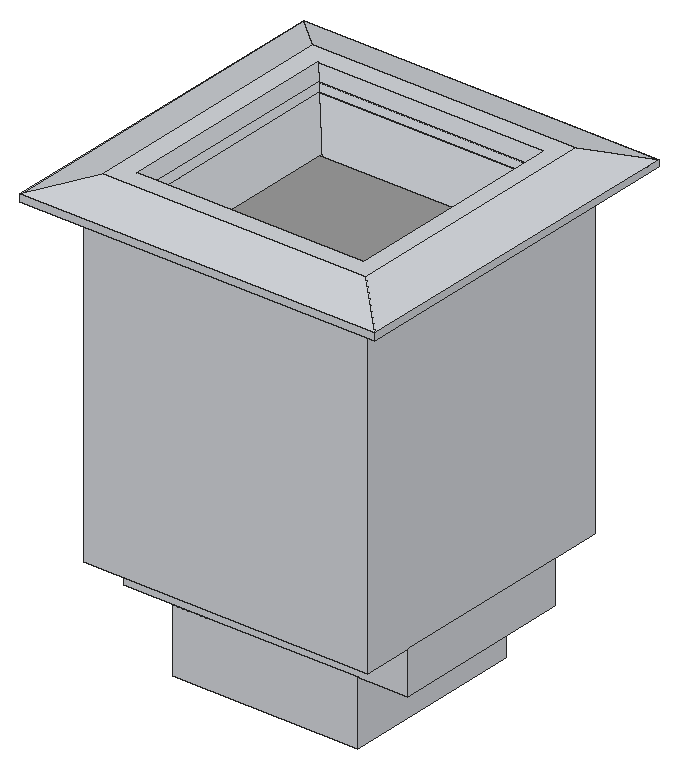
Revit family "2061302 Sylvania Lighting Fixture DOMINO 1xLED 930 BLACK NB TRIM WHITE DALI", category Lighting Fixtures, host Face, Revit 2018
Family settings
  Host = Face
  Round Connector Dimension = Use Diameter
  Part Type = Normal
  OmniClass Number = 23.80.70.00
  OmniClass Title = Lighting
  Cut with Voids When Loaded = No
  Light Source = Yes
  Shared = No
  Room Calculation Point = No
Parameters (values of type "2061302 DOMINO 1XLED 930 BLACK NB TR WHT DALI")
  top top width = 15.812 mm
  top top length = 26 mm
  Width = 50 mm
  Weight = "n/a"
  Wattage Comments = ""
  Wattage = 9.2903 W
  WarrantyStartDate [instance] = "n/a"
  WarrantyGuarantorParts = "n/a"
  WarrantyDurationUnit = "n/a"
  WarrantyDurationParts = ""
  WarrantyDescription = "http://www.sylvania-lighting.com"
  built-in parameter 1150110 = 1 (stored number, unit not read)
  Voltage = 0 V
  URL = "0.96"
  TypeName = "DOMINO 1xLED 930 BLACK NB TRIM WHITE DALI"
  Type Image = <None>
  Type Comments = "n/a"
  built-in parameter 1114217 = 1 (stored number, unit not read)
  Top Width = 26 mm
  Tilt Angle = 90.00°
  built-in parameter 1150109 = 1 (stored number, unit not read)
  built-in parameter 1150134 = 3
  built-in parameter 1150113 = 1 (stored number, unit not read)
  SerialNumber [instance] = "n/a"
  Recessed Width = 43 mm
  Recessed Length = 43 mm
  Photometric Web File = "2061302.ies"
  Material_3_FEILO = none
  PowerFactor = 0
  PowerConsumption = "Lighting"
  NominalLength = 50 mm
  NominalHeight = 0 mm
  NominalDepth = 0 mm
  Name = "DOMINO 1xLED 930 BLACK NB TRIM WHITE DALI"
  ModelReference = Name  # "DOMINO 1xLED 930 BLACK NB TRIM WHITE DALI"
  ModelNumber = "2061302"
  Model = Name  # "DOMINO 1xLED 930 BLACK NB TRIM WHITE DALI"
  Material = "Feilo Sylvania"
  ManufacturerName = "45 lm/W"
  Manufacturer = ""
  LuminousEfficacy = ""
  built-in parameter 1150105 = 109.82 (stored number, unit not read)
  Lumens = 1380 lm
  LuminaireType = "0"
  built-in parameter 1150115 = 1 (stored number, unit not read)
  LightOutputRatio = "LED"
  built-in parameter 1150137 = (empty or 0)
  built-in parameter 1150139 = (empty or 0)
  Lens inside recess = 25 mm
  Lens Width = 32 mm
  Lens Outside recess = 31.978 mm
  Lens = Glass, White, High Luminance
  Length = 50 mm
  LampsType = Lamp  # "n/a"
  LampNominalLuminous = "3000 K"
  LampMacAdamStep = "90"
  LampColourTemperature = "LED"
  LampColourRenderingIndex = "16500"
  built-in parameter 1150112 = 1 (stored number, unit not read)
  built-in parameter 1150114 = 1 (stored number, unit not read)
  Lamp = "n/a"
  Keynote = "n/a"
  InstallationDate [instance] = "n/a"
  InputVoltage = "0"
  InputNominalFrequency = "3000"
  built-in parameter 1150132 = (empty or 0)
  built-in parameter 1150102 = (empty or 0)
  built-in parameter 1150107 = 3200 (stored number, unit not read)
  built-in parameter 1150138 = (empty or 0)
  IngressProtection = "IfcLightFixtureType"
  ImpactProtectionIndex = "IfcLightFixtureType"
  built-in parameter 1150106 = 1.0982 (stored number, unit not read)
  IfcExportType = "IfcLightFixtureType"
  IfcExportAs = "Class II"
  Facia internal width = 37 mm
  Facia internal length = 37 mm
  Facia Height = 2 mm
  ExpectedLife = 50000
  Emit from Circle Diameter = 609.6 mm
  Emit Shape Visible in Rendering = no
  ElectricShockClassification = "45"
  built-in parameter 1150104 = 13.8 (stored number, unit not read)
  DurationUnit = "hours"
  DocumentationLiterature = "http://www.sylvania-lighting.com/product/en-int/products/2061302"
  DimmingControlOptions = "n/a"
  Material_2_FEILO = none
  Dimming Lamp Color Temperature Shift = <None>
  Description = "Modular LED recessed linear spotlight, ideal for retail and hospitality applications. Die-cast aluminium body, passive cooling. Two levels of reflector installation, low glaring UGR<16. 1x LED source, 15° beam angle , optics: PMMA lens and polycarbonate reflector combination, Black matt reflector finish. Light color temperature: 3000K warm white, total system power: 4W , total fixture lumen output: 180lm, efficacy: 45 lm/W, Ra90 typical, LED chromacity: 3 step MacAdam ellipse (SDCM3), lifespan: 96,000 hours at 90% of the original output (L90B10), IR/UV free light source without heat radiation, operating voltage: 220-240V / 50-60Hz, electronic driver, ultra low flicker, DALI , electrical protection: Class II. Degree of Protection: IP40/IP20, suitable for indoor environment only. Ceiling cut-out: 43x43mm, outer dimensions:  50x50mm trim frame RAL 9016 - Traffic white / Bezel color.5 years Warranty."
  Default Elevation = 1219.2 mm
  CreatedOn = "09/02/2021"
  CreatedBy = "@sylvania-lighting.com"
  Cost = 0
  Color Filter = 16777215
  built-in parameter 1114216 [instance] = (empty or 0)
  ClassificationValue = "EF_70_80"
  ClassificationName = "Uniclass2015"
  Material_1_FEILO = none
  Body Width = 40 mm
  Body Length = 40 mm
  BarCode [instance] = "n/a"
  built-in parameter 1114218 = 1 (stored number, unit not read)
  built-in parameter 1150133 = 10 (stored number, unit not read)
  AssetType = "Fixed"
  AssetIdentifier [instance] = "n/a"
  Assembly Code = "D5020200"
  Apparent Load = 4 VA
  Material_4_FEILO = none
Reference planes
  plane 1 "Center (Front/Back)": y = 0
  plane 2: z = 0
  plane 3 "Center (Left/Right)": x = 0
  plane 4: z = 0
  plane 5: z = -7
  plane 6: z = -45.895
  plane 7: z = -51.895
  plane 8: z = -60.895
  plane 9: x = -21.5
  plane 10: x = 21.5
  plane 11: y = 21.5
  plane 12: y = -21.5
  plane 13: x = -25
  plane 14: x = 25
  plane 15: y = 25
  plane 16: y = -25
  plane 17: x = 18.5
  plane 18: x = -18.5
  plane 19: y = 18.5
  plane 20: y = -18.5
  plane 21: z = 2
  plane 22: x = -20
  plane 23: x = 20
  plane 24: y = 20
  plane 25: y = -20
  plane 26: y = 13
  plane 27: y = -13
  plane 28: y = 16
  plane 29: y = -16
  plane 30: x = 13
  plane 31: x = -13
  plane 32: x = -15.772
  plane 33: x = 16.206
  plane 34: y = 12.5
  plane 35: y = -12.5
  plane 36: x = -12.5
  plane 37: x = 12.5
Forms (mm)
  Extrusion 1, solid, not visible, detail levels medium+fine
    sketch origin (4.2, 0, 0) x (1, 0, 0) y (0, 1, 0)
      loop
        line (-29.2, 34.5) -> (-29.2, -34.5) -> (20.8, -34.5) -> (20.8, 34.5) -> (-29.2, 34.5)
    from 0 to 1
  Extrusion 2, solid, not visible, detail levels medium+fine
    sketch origin (4.044, 0, 0) x (1, 0, 0) y (0, 1, 0)
      loop
        line (-29.2, 34.5) -> (-29.2, -34.5) -> (20.8, -34.5) -> (20.8, 34.5) -> (-29.2, 34.5)
    from 0 to 1
  Blend 3, solid, not visible, detail levels medium+fine
    base sketch origin (4.2, 0, 0) x (1, 0, 0) y (0, 1, 0)
      loop
        line (-29.2, 34.5) -> (-29.2, -34.5) -> (20.8, -34.5) -> (20.8, 34.5) -> (-29.2, 34.5)
    top sketch origin (4.2, 0, 0) x (1, 0, 0) y (0, 1, 0)
      loop
        line (-21.7, 28) -> (-21.7, -28) -> (13.3, -28) -> (13.3, 28) -> (-21.7, 28)
    from 1 to 3
  Extrusion 4, solid, not visible, detail levels medium+fine
    sketch origin (3.419, 0, 0) x (1, 0, 0) y (0, 1, 0)
      loop
        line (-29.2, 34.5) -> (-29.2, -34.5) -> (20.8, -34.5) -> (20.8, 34.5) -> (-29.2, 34.5)
    from 0 to 1
  Blend 5, solid, not visible, detail levels medium+fine
    base sketch origin (3.575, 0, 0) x (1, 0, 0) y (0, 1, 0)
      loop
        line (-29.2, 34.5) -> (-29.2, -34.5) -> (20.8, -34.5) -> (20.8, 34.5) -> (-29.2, 34.5)
    top sketch origin (3.575, 0, 0) x (1, 0, 0) y (0, 1, 0)
      loop
        line (-21.7, 28) -> (-21.7, -28) -> (13.3, -28) -> (13.3, 28) -> (-21.7, 28)
    from 1 to 3
  Extrusion 6, solid, not visible, detail levels medium+fine
    sketch origin (4.247, 0, 0) x (1, 0, 0) y (0, 1, 0)
      loop
        line (-29.2, 34.5) -> (-29.2, -34.5) -> (20.8, -34.5) -> (20.8, 34.5) -> (-29.2, 34.5)
    from 0 to 1
  Blend 7, solid, not visible, detail levels medium+fine
    base sketch origin (4.403, 0, 0) x (1, 0, 0) y (0, 1, 0)
      loop
        line (-29.2, 34.5) -> (-29.2, -34.5) -> (20.8, -34.5) -> (20.8, 34.5) -> (-29.2, 34.5)
    top sketch origin (4.403, 0, 0) x (1, 0, 0) y (0, 1, 0)
      loop
        line (-21.7, 28) -> (-21.7, -28) -> (13.3, -28) -> (13.3, 28) -> (-21.7, 28)
    from 1 to 3
  Extrusion 8, void, detail levels medium+fine
    sketch origin (4.2, 0, 0) x (0, 1, 0) y (1, 0, 0)
      loop
        line (21.5, -25.7) -> (21.5, 17.3) -> (-21.5, 17.3) -> (-21.5, -25.7) -> (21.5, -25.7)
    from -9.934 to 83.097
  Extrusion 9, solid, detail levels medium+fine
    sketch origin (4.2, 0, 0) x (1, 0, 0) y (0, 1, 0)
      loop
        line (-29.2, 25) -> (-29.2, -25) -> (20.8, -25) -> (20.8, 25) -> (-29.2, 25)
    from 0 to 1
  Extrusion 10, solid, detail levels medium+fine
    sketch origin (4.2, 0, 0) x (1, 0, 0) y (0, 1, 0)
      loop
        line (-24.2, 20) -> (-24.2, -20) -> (15.8, -20) -> (15.8, 20) -> (-24.2, 20)
    from 0 to -45.895
  Extrusion 11, solid, detail levels medium+fine
    sketch origin (4.2, 0, 0) x (1, 0, 0) y (0, 1, 0)
      loop
        line (-24.2, 13) -> (-24.2, -13) -> (15.8, -13) -> (15.8, 13) -> (-24.2, 13)
    from -51.895 to -45.895
  Extrusion 12, solid, material "Glass, White, High Luminance" <- "Lens", detail levels fine
    sketch origin (13.547, 1218.849, 36.156) x (1, 0, 0) y (0, 1, 0)
      loop
        line (-26.047, -1206.7) -> (-26.047, -1231.7) -> (-1.047, -1231.7) -> (-1.047, -1206.7) -> (-26.047, -1206.7)
    from -43.156 to -42.182
  Blend 13, solid, detail levels medium+fine
    base sketch origin (4.2, 0, 0) x (1, 0, 0) y (0, 1, 0)
      loop
        line (-29.2, 25) -> (-29.2, -25) -> (20.8, -25) -> (20.8, 25) -> (-29.2, 25)
    top sketch origin (4.2, 0, 0) x (1, 0, 0) y (0, 1, 0)
      loop
        line (-22.7, 18.5) -> (-22.7, -18.5) -> (14.3, -18.5) -> (14.3, 18.5) -> (-22.7, 18.5)
    from 1 to 3
  Extrusion 14, solid, detail levels fine
    sketch origin (0, 0, 0) x (1, 0, 0) y (0, 0, 1)
      loop
        line (-13, -51.895) -> (-13, -60.895) -> (13, -60.895) -> (13, -51.895) -> (-13, -51.895)
    from -13 to 13
  Blend 15, void, detail levels medium+fine
    base sketch origin (4.2, 0, 0) x (0, 1, 0) y (-1, 0, 0)
      loop
        line (16, 19.972) -> (-16, 19.972) -> (-16, -12.006) -> (16, -12.006) -> (16, 19.972)
    top sketch origin (4.2, 0, 0) x (0, 1, 0) y (-1, 0, 0)
      loop
        line (12.5, 16.7) -> (-12.5, 16.7) -> (-12.5, -8.3) -> (12.5, -8.3) -> (12.5, 16.7)
    from 3 to -7
  Extrusion 16, solid, detail levels coarse
    sketch origin (4.2, 0, 0) x (1, 0, 0) y (0, 1, 0)
      loop
        line (-29.2, 25) -> (-29.2, -25) -> (20.8, -25) -> (20.8, 25) -> (-29.2, 25)
    from 3 to -60.895
Cuts and joins
  Blend 15 cuts Extrusion 9
  Blend 15 cuts Extrusion 10
  Blend 15 cuts Blend 13
Dimensions and locks
  "Recessed Length": plane 9 to plane 10
  equal spacing: plane 9, plane 3 "Center (Left/Right)", plane 10
  "Length": plane 13 to plane 14
  equal spacing: plane 13, plane 3 "Center (Left/Right)", plane 14
  "Recessed Width": plane 11 to plane 12
  equal spacing: plane 11, plane 1 "Center (Front/Back)", plane 12
  "Width": plane 15 to plane 16
  equal spacing: plane 15, plane 1 "Center (Front/Back)", plane 16
  "Facia internal length": plane 18 to plane 17
  equal spacing: plane 18, plane 3 "Center (Left/Right)", plane 17
  "Facia internal width": plane 19 to plane 20
  equal spacing: plane 19, plane 1 "Center (Front/Back)", plane 20
  "Facia Height": plane 21 to host face
  "Body Length": plane 22 to plane 23
  equal spacing: plane 22, plane 3 "Center (Left/Right)", plane 23
  "Body Width": plane 24 to plane 25
  equal spacing: plane 24, plane 1 "Center (Front/Back)", plane 25
  "Top Width": plane 26 to plane 27
  equal spacing: plane 26, plane 1 "Center (Front/Back)", plane 27
  "Lens Width": plane 28 to plane 29
  equal spacing: plane 28, plane 1 "Center (Front/Back)", plane 29
  "top top length": plane 31 to plane 30
  equal spacing: plane 31, plane 3 "Center (Left/Right)", plane 30  (x2)
  plane 30 to plane 31 = 26 mm
  equal spacing: plane 30, plane 3 "Center (Left/Right)", plane 31
  "Lens Outside recess": plane 32 to plane 33
  "Lens inside recess": plane 34 to plane 35
  equal spacing: plane 34, plane 1 "Center (Front/Back)", plane 35
  aligned and locked: plane 2 to host face
  aligned and locked: level to host face
  aligned and locked: Extrusion 11 to plane 7
  aligned and locked: Extrusion 10 to plane 6
  aligned and locked: cut or joined group of Blend 13, Blend 15 to Blend 15
Automatic sketch dimensions
  host sketch curve to host sketch curve = 2438.4 mm  (x2)
  Extrusion 1 sketch curve to Extrusion 1 sketch curve = 50 mm
  Extrusion 1 sketch curve to Extrusion 1 sketch curve = 69 mm
  Extrusion 2 sketch curve to Extrusion 2 sketch curve = 50 mm
  Extrusion 2 sketch curve to Extrusion 2 sketch curve = 69 mm
  Blend 3 sketch curve to Blend 3 sketch curve = 50 mm
  Blend 3 sketch curve to Blend 3 sketch curve = 69 mm
  Blend 3 sketch curve to Blend 3 sketch curve = 35 mm
  Blend 3 sketch curve to Blend 3 sketch curve = 56 mm
  Extrusion 4 sketch curve to Extrusion 4 sketch curve = 50 mm
  Extrusion 4 sketch curve to Extrusion 4 sketch curve = 69 mm
  Blend 5 sketch curve to Blend 5 sketch curve = 50 mm
  Blend 5 sketch curve to Blend 5 sketch curve = 69 mm
  Blend 5 sketch curve to Blend 5 sketch curve = 35 mm
  Blend 5 sketch curve to Blend 5 sketch curve = 56 mm
  Extrusion 6 sketch curve to Extrusion 6 sketch curve = 50 mm
  Extrusion 6 sketch curve to Extrusion 6 sketch curve = 69 mm
  Blend 7 sketch curve to Blend 7 sketch curve = 50 mm
  Blend 7 sketch curve to Blend 7 sketch curve = 69 mm
  Blend 7 sketch curve to Blend 7 sketch curve = 35 mm
  Blend 7 sketch curve to Blend 7 sketch curve = 56 mm
  plane 9 to Extrusion 8 sketch curve = 0 mm
  Extrusion 8 sketch curve to plane 12 = 0 mm
  Extrusion 8 sketch curve to plane 11 = 0 mm
  Extrusion 8 sketch curve to plane 10 = 0 mm
  plane 13 to Extrusion 9 sketch curve = 0 mm
  plane 14 to Extrusion 9 sketch curve = 0 mm
  Extrusion 9 sketch curve to plane 16 = 0 mm
  Extrusion 9 sketch curve to plane 15 = 0 mm
  Extrusion 10 sketch curve to plane 22 = 0 mm
  Extrusion 10 sketch curve to plane 23 = 0 mm
  Extrusion 10 sketch curve to plane 25 = 0 mm
  Extrusion 10 sketch curve to plane 24 = 0 mm
  Extrusion 11 sketch curve to plane 22 = 0 mm
  Extrusion 11 sketch curve to plane 23 = 0 mm
  Extrusion 11 sketch curve to plane 27 = 0 mm
  Extrusion 11 sketch curve to plane 26 = 0 mm
  Extrusion 12 sketch curve to plane 11 = 9.351 mm
  plane 1 "Center (Front/Back)" to Extrusion 12 sketch curve = 12.851 mm
  plane 18 to Extrusion 12 sketch curve = 6 mm
  Blend 13 sketch curve to plane 13 = 0 mm
  Blend 13 sketch curve to plane 14 = 0 mm
  Blend 13 sketch curve to plane 16 = 0 mm
  Blend 13 sketch curve to plane 15 = 0 mm
  Blend 13 sketch curve to plane 18 = 0 mm
  Blend 13 sketch curve to plane 17 = 0 mm
  Blend 13 sketch curve to plane 20 = 0 mm
  Blend 13 sketch curve to plane 19 = 0 mm
  Extrusion 12 sketch curve to Extrusion 12 sketch curve = 25 mm
  Extrusion 14 sketch curve to plane 8 = 0 mm
  Extrusion 14 sketch curve to plane 31 = 0 mm
  Extrusion 14 sketch curve to plane 30 = 0 mm
  Extrusion 14 sketch curve to plane 7 = 0 mm
  Blend 15 sketch curve to plane 29 = 0 mm
  Blend 15 sketch curve to plane 28 = 0 mm
  Blend 15 sketch curve to plane 33 = 0 mm
  Blend 15 sketch curve to plane 32 = 0 mm
  Blend 15 sketch curve to plane 35 = 0 mm
  Blend 15 sketch curve to plane 34 = 0 mm
  Blend 15 sketch curve to plane 37 = 0 mm
  Blend 15 sketch curve to plane 36 = 0 mm
  Extrusion 16 sketch curve to plane 13 = 0 mm
  Extrusion 16 sketch curve to plane 14 = 0 mm
  Extrusion 16 sketch curve to plane 16 = 0 mm
  Extrusion 16 sketch curve to plane 15 = 0 mm
Connectors
  electrical at (0, 0, -60.895)
    settings: on Extrusion 14, index 1, voltage 0 V, apparent load 0 VA, apparent load phase1 0 VA, apparent load phase2 0 VA, apparent load phase3 0 VA, power factor 1, load classification "Other", number of poles 1, system type 31, power factor state 1, is connector primary yes, connector utility no, sub classification motor no, connector description ""
